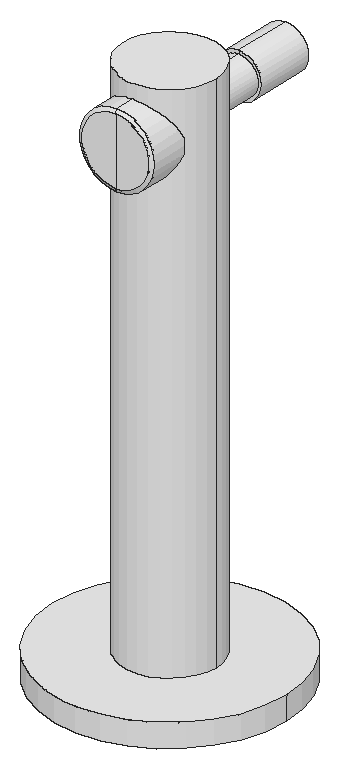
Revit family "Tub_Spout-Grohe-Concetto-13275_Series", category Plumbing Fixtures, host Face, Revit 2018
Family settings
  Host = Face
  Round Connector Dimension = Use Diameter
  Part Type = Normal
  OmniClass Number = 23.45.05.14.21
  OmniClass Title = Bathtubs
  Cut with Voids When Loaded = No
  Shared = Yes
  Room Calculation Point = No
Parameters (values of type "13275001")
  Waste Connection = no
  Warranty Documentation Link = "https://cdn.cloud.grohe.com/tpi/1000/1900/1940/1949/1949006/original/1949006.pdf"
  WFU = 0  # constant formula
  Vent Connection = no
  URL = "https://www.grohe.us"
  Type Comments = ""
  Tempered Connection Radius = Tempered Connection Diameter / 2  # 1/4"
  Tempered Connection Diameter = 1/2"
  Spout Reach = 6 11/16"  # constant formula
  Revised Date = "05/27/2021"  # constant formula
  Product Page URL = "https://www.grohe.us/Tub-Fillers/Tub-Spout/GROHE-CHROME-13275001"
  Product Documentation Link = "https://americanstandard.box.com/shared/static/ii7g3zuf2qcwv29w04636mfby48tm7vq.pdf"
  Price = "Prices may vary. Please consult Manufacturer Representative for most up-to-date price list."  # constant formula
  Overall Length = 7 3/8"
  Model = "13275001"
  Material = "Metal-Grohe-001-StarLight Chrome"
  Manufacturer = "Grohe"
  Installation Type = "Wall Mounted"
  HWFU = 3  # constant formula
  HW Connection = yes
  Finish = Metal-Grohe-001-StarLight Chrome
  Diameter = 3 1/8"  # constant formula
  Description = "Concetto Tub Spout"  # constant formula
  Default Elevation = 0"
  Creation Date = "07/06/2017"  # constant formula
  CWFU = 3  # constant formula
  CW Connection = yes
  Assembly Code = "D2020300"
  ADA Compliant = yes
Types (6): name | Product Page URL | Model | Material | Finish
  (no name) | "https://www.grohe.us/Tub-Fillers/Tub-Spout/GROHE-CHROME-13275001" | "13275001" | "Metal-Grohe-001-StarLight Chrome" | Metal-Grohe-001-StarLight Chrome
  13275001 | "https://www.grohe.us/Tub-Fillers/Tub-Spout/GROHE-CHROME-13275001" | "13275001" | "Metal-Grohe-001-StarLight Chrome" | Metal-Grohe-001-StarLight Chrome
  13275EN1 | "https://www.grohe.us/Tub-Fillers/Tub-Spout/GROHE-BRUSHED-NICKEL-13275EN1" | "13275EN1" | "Metal-Grohe-EN1-Brushed Nickel Infinity Finish" | Metal-Grohe-EN1-Brushed Nickel Infinity Finish
  13275GN1 | "https://www.grohe.us/Tub-Fillers/Tub-Spout/GROHE-BRUSHED-COOL-SUNRISE-13275GN1" | "13275GN1" | "Metal-Grohe-GN1-Brushed Cool Sunrise" | Metal-Grohe-GN1-Brushed Cool Sunrise
  13275BE1 | "https://www.grohe.us/Tub-Fillers/Tub-Spout/GROHE-POLISHED-NICKEL-13275BE1" | "13275BE1" | "Metal-Grohe-BE1-Polished Nickel Infinity Finish" | Metal-Grohe-BE1-Polished Nickel Infinity Finish
  13275A01 | "https://www.grohe.us/Tub-Fillers/Tub-Spout/GROHE-HARD-GRAPHITE-13275A01" | "13275A01" | "Metal-Grohe-A01-Hard Graphite" | Metal-Grohe-A01-Hard Graphite
Reference planes (in)
  plane 1 "Center (Front/Back)": y = 0
  plane 2: z = 0
  plane 3 "Center (Left/Right)": x = 0
  plane 4: x = -1.5625
  plane 5: x = 1.5625
  plane 6: y = 1.5625
  plane 7: y = -1.5625
  plane 8: z = 6.6875
  plane 9: z = 7.375
Forms (in)
  Extrusion 1, solid, material "Metal-Grohe-001-StarLight Chrome" <- "Finish"
    sketch origin (0, 0, 0) x (1, 0, 0) y (0, 1, 0)
      loop
        circle (0, 0) r 1.56632
    from 0 to 0.31248
  Extrusion 2, solid, material "Metal-Grohe-001-StarLight Chrome" <- "Finish"
    sketch origin (0, 0, 0) x (1, 0, 0) y (0, 1, 0)
      loop
        circle (0, 0) r 0.62301
    from 0 to 7.375
  Revolve 3, solid, material "Metal-Grohe-001-StarLight Chrome" <- "Finish"
    sketch origin (0, 0, 0) x (0, 1, 0) y (0, 0, 1)
      loop
        line (-0.90975, 6.6875) -> (1.95587, 6.6875)
        arc (1.95587, 6.6875) -> (1.95126, 6.83926) -> (1.93747, 6.99046) r 2.50301
        line (1.93747, 6.99046) -> (1.15649, 6.99046) -> (1.15649, 6.94382) -> (-0.09337, 6.94382) -> (-0.09337, 7.18699) -> (-0.88152, 7.18699) -> (-0.90975, 7.1381) -> (-0.90975, 6.6875)
      axis (-0.90975, 6.6875) -> (1.95587, 6.6875)
    angle from 0 to 360
Cuts and joins
  joined: Extrusion 1, Extrusion 2, Revolve 3
Lines and regions (in)
  Masking region 1
    outline origin (0, 0, 0) x (1, 0, 0) y (0, 0, 1)
      loop
        line (1.56632, 0) -> (1.56632, 0.31248) -> (0.62301, 0.31248) -> (0.62301, 7.375) -> (-0.62301, 7.375) -> (-0.62301, 0.31248) -> (-1.56632, 0.31248) -> (-1.56632, 0) -> (1.56632, 0)
  symbolic lines, style "PlumbingFixtures", detail levels fine
    curve 1: line (0.62301, 0, 0.31248) -> (-0.62301, 0, 0.31248)
  symbolic lines, style "PlumbingFixtures", detail levels medium+fine
    curve 2: circle (0, 0, 6.6875) r 0.30296 normal (0, -1, 0)
Dimensions and locks (in)
  equal spacing: plane 4, plane 3 "Center (Left/Right)", plane 5
  "Diameter": plane 4 to plane 5
  equal spacing: plane 6, plane 1 "Center (Front/Back)", plane 7
  "Diameter": plane 6 to plane 7
  level to plane 8 = 6 11/16"
  "Overall Length": plane 9 to host face
  "Spout Reach": plane 8 to host face
  aligned and locked: plane 2 to host face
  aligned and locked: level to host face
  aligned and locked: plane 9 to Extrusion 2
  aligned and locked: Masking region 1 to cut or joined group of Extrusion 1, Extrusion 2, Revolve 3
Automatic sketch dimensions
  host sketch curve to host sketch curve = 96"  (x2)
  plane 1 "Center (Front/Back)" to Extrusion 1 sketch curve = 0"
  Extrusion 1 sketch curve to plane 3 "Center (Left/Right)" = 0"
  plane 1 "Center (Front/Back)" to Extrusion 2 sketch curve = 0"
  Extrusion 2 sketch curve to plane 3 "Center (Left/Right)" = 0"
  Masking region 1 sketch curve to level = 0"
  Masking region 1 sketch curve to plane 4 = 0.00382"
  Masking region 1 sketch curve to plane 3 "Center (Left/Right)" = 0.62301"
  plane 3 "Center (Left/Right)" to Masking region 1 sketch curve = 0.62301"
  Masking region 1 sketch curve to plane 5 = 0.00382"
  level to Masking region 1 sketch curve = 0.31248"  (x2)
  plane 8 to Masking region 1 sketch curve = 11/16"
  Revolve 3 sketch curve to plane 8 = 0"  (x2)
  Revolve 3 sketch curve to plane 7 = 0.65275"
  Revolve 3 sketch curve to Revolve 3 sketch curve = 0.02823"
  Revolve 3 sketch curve to Revolve 3 sketch curve = 0.36261"
  plane 1 "Center (Front/Back)" to Revolve 3 sketch curve = 0.09337"
  Revolve 3 sketch curve to plane 6 = 0.40601"
  plane 6 to Revolve 3 sketch curve = 0.37497"
  Revolve 3 sketch curve to Revolve 3 sketch curve = 0.0184"
  plane 8 to Revolve 3 sketch curve = 0.25632"
  Revolve 3 sketch curve to Revolve 3 sketch curve = 0.4506"
  Revolve 3 sketch curve to Revolve 3 sketch curve = 0.04889"
  Revolve 3 sketch curve to Revolve 3 sketch curve = 0.27365"
  Revolve 3 sketch curve to Revolve 3 sketch curve = 0.2173"
  curve 2 to plane 3 "Center (Left/Right)" = 0"
  curve 2 to plane 8 = 0"
  curve 1 to plane 3 "Center (Left/Right)" = 0.62301"
  plane 3 "Center (Left/Right)" to curve 1 = 0.62301"
  level to curve 1 = 0.31248"
  radius of Extrusion 1 sketch curve = 1.56632"
  radius of Extrusion 2 sketch curve = 0.62301"
  radius of curve 2 = 0.30296"
Connectors (in)
  piping at (0, 0, 0), diameter 0.5, driven by "Tempered Connection Diameter"
    settings: on cut or joined group of Extrusion 1, Extrusion 2, Revolve 3, index 1, connector inside diameter 24", connector length 0", flow factor 0, pipe flow 0 GPM, pressure drop 0.00 psi, fitting loss kfactor 0, connector angle 0.00°, fixture units 0, engagement length 0", angle of deflection 0.00°, flow configuration 0, flow direction 1, fitting loss method 0, system type 29, joint type 0, gender type 0, connector reference index -1, connector utility 0, adjustable connector no, is connector primary yes, connector description "1/2\" NPT Male Threaded Inlet Connection"
